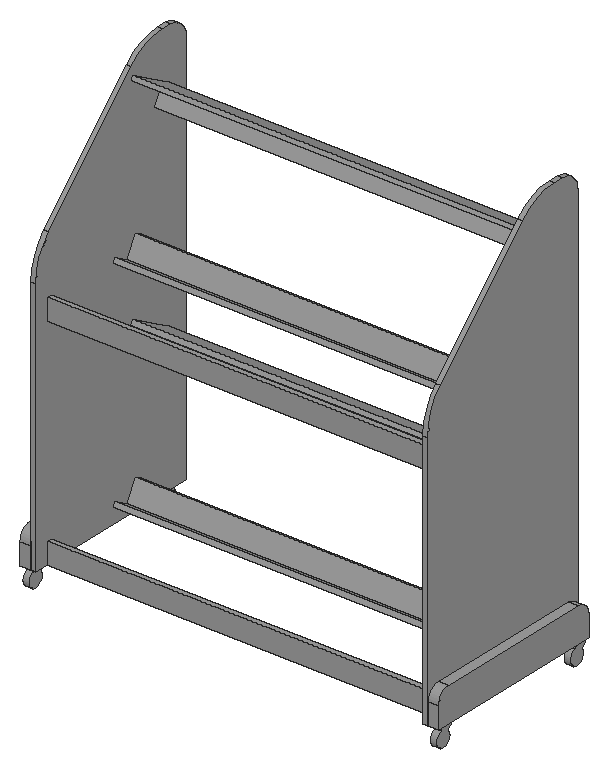
Revit family "Guitar Rack", category Generic Models, Revit 2012
Parameters
  Width = 67.00"
  URL = "http://www.wengercorp.com/Home/Contact.html"
  Shelf Width = Width - 5.00"  # 62.00"
  Manufacturer = "Wenger Corporation"
  Laminate = Laminate Material
  Height = 70.00"
  Description = "Guitar Rack"
  Depth = 30.00"
Reference planes (in)
  plane 1 "Center (Front/Back)": y = 0
  plane 2: z = 0
  plane 3 "Center (Left/Right)": x = 0
  plane 4: y = 30
  plane 5: x = 67
  plane 6: z = 70
  plane 7: x = 33.5
  plane 8: x = 1.75
  plane 9: x = 65.25
  plane 10: x = 2.5
  plane 11: x = 64.5
  plane 12: x = 0.875
  plane 13: x = 66.125
Forms (in)
  Extrusion 1, solid, material "Laminate Material" <- "Laminate"
    sketch origin (1.75, 60, 48) x (0, 1, 0) y (0, 0, 1)
      loop
        line (-60, -44.75) -> (-30, -44.75) -> (-30, 19)
        arc (-30, 19) -> (-30.87868, 21.12132) -> (-33, 22) r 3
        line (-33, 22) -> (-34.56849, 22)
        arc (-34.56849, 22) -> (-38.01162, 21.31534) -> (-40.93089, 19.36552) r 9
        line (-40.93089, 19.36552) -> (-57.3624, 2.93401)
        arc (-57.3624, 2.93401) -> (-59.31449, 0.01366) -> (-60, -3.43151) r 9
        line (-60, -3.43151) -> (-60, -44.75)
    from 0 to 0.75
  Extrusion 2, solid, material "Laminate Material" <- "Laminate"
    sketch origin (64.5, 60, 48) x (0, 1, 0) y (0, 0, 1)
      loop
        line (-60, -44.75) -> (-30, -44.75) -> (-30, 19)
        arc (-30, 19) -> (-30.87868, 21.12132) -> (-33, 22) r 3
        line (-33, 22) -> (-34.56849, 22)
        arc (-34.56849, 22) -> (-38.01162, 21.31534) -> (-40.93089, 19.36552) r 9
        line (-40.93089, 19.36552) -> (-57.3624, 2.93401)
        arc (-57.3624, 2.93401) -> (-59.31449, 0.01366) -> (-60, -3.43151) r 9
        line (-60, -3.43151) -> (-60, -44.75)
    from 0 to 0.75
  Extrusion 3, solid, material "Laminate Material" <- "Laminate"
    sketch origin (0, 255.07296, 0) x (0, 1, 0) y (0, 0, 1)
      loop
        arc (-225.07296, 6.75007) -> (-225.65869, 8.16414) -> (-227.07276, 8.74987) r 1.9998
        line (-227.07276, 8.74987) -> (-253.05022, 8.74987)
        arc (-253.05022, 8.74987) -> (-254.47932, 8.17235) -> (-255.07329, 6.75) r 2
        line (-255.07329, 6.75) -> (-255.07329, 3.25) -> (-225.07296, 3.25) -> (-225.07296, 6.75007)
    from 0 to 1.75
  Extrusion 4, solid, material "Laminate Material" <- "Laminate"
    sketch origin (65.25, 60, 48) x (0, 1, 0) y (0, 0, 1)
      loop
        arc (-30, -41.24993) -> (-30.58573, -39.83586) -> (-31.9998, -39.25013) r 1.9998
        line (-31.9998, -39.25013) -> (-57.97725, -39.25013)
        arc (-57.97725, -39.25013) -> (-59.40636, -39.82765) -> (-60.00033, -41.25) r 2
        line (-60.00033, -41.25) -> (-60.00033, -44.75) -> (-30, -44.75) -> (-30, -41.24993)
    from 0 to 1.75
  Extrusion 5, solid, material "Laminate Material" <- "Laminate"
    sketch origin (2.5, 60, 48) x (0, 1, 0) y (0, 0, 1)
      loop
        line (-41.64744, -43.82476) -> (-39.52244, -40.14415) -> (-40.17196, -39.76915) -> (-41.92196, -42.80024) -> (-44.30353, -41.42524) -> (-44.67853, -42.07476) -> (-41.64744, -43.82476)
    from 0 to 62 <- "Shelf Width"
  Extrusion 6, solid, material "Laminate Material" <- "Laminate"
    sketch origin (2.5, 60, 48) x (0, 1, 0) y (0, 0, 1)
      loop
        line (-57, -44) -> (-57, -41.25) -> (-57.75, -41.25) -> (-57.75, -44.75) -> (-53.5, -44.75) -> (-53.5, -44) -> (-57, -44)
    from 0 to 62 <- "Shelf Width"
  Extrusion 7, solid, material "Laminate Material" <- "Laminate"
    sketch origin (2.5, 60, 48) x (0, 1, 0) y (0, 0, 1)
      loop
        line (-34.01114, -20.73723) -> (-40.72284, -16.86223) -> (-41.09785, -17.51175) -> (-35.03566, -21.01174) -> (-36.41066, -23.39332) -> (-35.76114, -23.76832) -> (-34.01114, -20.73723)
    from 0 to 62 <- "Shelf Width"
  Extrusion 8, solid, material "Laminate Material" <- "Laminate"
    sketch origin (2.5, 60, 48) x (0, 1, 0) y (0, 0, 1)
      loop
        line (-53.5, -9) -> (-57, -9) -> (-57, -6.25) -> (-57.75, -6.25) -> (-57.75, -9.75) -> (-53.5, -9.75) -> (-53.5, -9)
    from 0 to 62 <- "Shelf Width"
  Extrusion 9, solid, material "Laminate Material" <- "Laminate"
    sketch origin (2.5, 60, 48) x (0, 1, 0) y (0, 0, 1)
      loop
        line (-39.52244, -5.14415) -> (-40.17196, -4.76915) -> (-41.92196, -7.80024) -> (-44.30353, -6.42524) -> (-44.67852, -7.07476) -> (-41.64744, -8.82476) -> (-39.52244, -5.14415)
    from 0 to 62 <- "Shelf Width"
  Extrusion 10, solid, material "Laminate Material" <- "Laminate"
    sketch origin (2.5, 60, 48) x (0, 1, 0) y (0, 0, 1)
      loop
        line (-40.72284, 18.13777) -> (-41.09785, 17.48826) -> (-38.06675, 15.73825) -> (-35.03566, 13.98825) -> (-36.41066, 11.60668) -> (-35.76114, 11.23168) -> (-34.01114, 14.26277) -> (-40.72284, 18.13777)
    from 0 to 62 <- "Shelf Width"
Dimensions and locks (in)
  "Width": plane 3 "Center (Left/Right)" to plane 5
  "Depth": plane 1 "Center (Front/Back)" to plane 4
  "Height": plane 6 to level
  equal spacing: plane 3 "Center (Left/Right)", plane 7, plane 5
  locked: plane 3 "Center (Left/Right)" to plane 8 at 1.75
  locked: plane 9 to plane 5 at 1.75
  locked: plane 8 to plane 10 at 0.75
  locked: plane 11 to plane 9 at 0.75
  plane 3 "Center (Left/Right)" to plane 10 = 2.50"
  equal spacing: plane 3 "Center (Left/Right)", plane 12, plane 8, locked at 0.875 each
  equal spacing: plane 9, plane 13, plane 5, locked at 0.875 each
  aligned and locked: plane 2 to level
  aligned and locked: nested 3 to plane 13
  aligned and locked: nested 1 to plane 13
  aligned and locked: plane 12 to nested 2
  aligned and locked: plane 12 to nested 4
Automatic sketch dimensions
  Extrusion 1 sketch curve to plane 1 "Center (Front/Back)" = 0.00"
  Extrusion 1 sketch curve to plane 6 = 0.00"
  Extrusion 1 sketch curve to plane 4 = 0.00"
  Extrusion 1 sketch curve to plane 1 "Center (Front/Back)" = 2.6376"
  Extrusion 1 sketch curve to Extrusion 1 sketch curve = 6.3624"
  Extrusion 1 sketch curve to plane 6 = 2.63448"
  Extrusion 1 sketch curve to plane 4 = 10.93089"
  Extrusion 1 sketch curve to Extrusion 1 sketch curve = 4.56849"
  Extrusion 1 sketch curve to Extrusion 1 sketch curve = 3.00"
  Extrusion 1 sketch curve to plane 6 = 19.06599"
  level to Extrusion 1 sketch curve = 3.25"
  Extrusion 2 sketch curve to plane 1 "Center (Front/Back)" = 0.00"
  Extrusion 2 sketch curve to plane 6 = 0.00"
  Extrusion 2 sketch curve to plane 4 = 0.00"
  Extrusion 2 sketch curve to plane 1 "Center (Front/Back)" = 2.6376"
  Extrusion 2 sketch curve to Extrusion 2 sketch curve = 6.3624"
  Extrusion 2 sketch curve to plane 6 = 2.63448"
  Extrusion 2 sketch curve to plane 4 = 10.93089"
  Extrusion 2 sketch curve to Extrusion 2 sketch curve = 4.56849"
  Extrusion 2 sketch curve to Extrusion 2 sketch curve = 3.00"
  Extrusion 2 sketch curve to plane 6 = 19.06599"
  level to Extrusion 2 sketch curve = 3.25"
  Extrusion 3 sketch curve to plane 4 = 0.00"
  Extrusion 3 sketch curve to plane 4 = 1.9998"
  Extrusion 3 sketch curve to plane 1 "Center (Front/Back)" = 2.02275"
  Extrusion 3 sketch curve to plane 1 "Center (Front/Back)" = 1.99967"
  plane 1 "Center (Front/Back)" to Extrusion 3 sketch curve = 0.00033"
  Extrusion 3 sketch curve to Extrusion 3 sketch curve = 0.00"  (x2)
  level to Extrusion 3 sketch curve = 3.25"
  Extrusion 3 sketch curve to Extrusion 3 sketch curve = 3.50"
  Extrusion 4 sketch curve to plane 4 = 0.00"
  Extrusion 4 sketch curve to plane 4 = 1.9998"
  Extrusion 4 sketch curve to plane 1 "Center (Front/Back)" = 2.02275"
  Extrusion 4 sketch curve to plane 1 "Center (Front/Back)" = 1.99967"
  plane 1 "Center (Front/Back)" to Extrusion 4 sketch curve = 0.00033"
  Extrusion 4 sketch curve to Extrusion 4 sketch curve = 0.00"  (x2)
  level to Extrusion 4 sketch curve = 3.25"
  Extrusion 4 sketch curve to Extrusion 4 sketch curve = 3.50"
  level to Extrusion 5 sketch curve = 5.92524"
  Extrusion 5 sketch curve to plane 4 = 14.67853"
  level to Extrusion 5 sketch curve = 6.57476"
  Extrusion 5 sketch curve to Extrusion 5 sketch curve = 0.375"  (x2)
  level to Extrusion 5 sketch curve = 5.19976"
  Extrusion 5 sketch curve to Extrusion 5 sketch curve = 2.38157"
  level to Extrusion 5 sketch curve = 4.17524"
  Extrusion 5 sketch curve to Extrusion 5 sketch curve = 0.27452"
  Extrusion 5 sketch curve to Extrusion 5 sketch curve = 1.75"
  Extrusion 5 sketch curve to Extrusion 5 sketch curve = 0.64952"
  Extrusion 5 sketch curve to Extrusion 5 sketch curve = 2.65609"
  Extrusion 6 sketch curve to plane 1 "Center (Front/Back)" = 2.25"
  Extrusion 6 sketch curve to Extrusion 6 sketch curve = 0.75"  (x2)
  Extrusion 6 sketch curve to Extrusion 6 sketch curve = 3.50"
  level to Extrusion 6 sketch curve = 3.25"
  Extrusion 6 sketch curve to Extrusion 6 sketch curve = 2.75"
  Extrusion 7 sketch curve to plane 4 = 11.09785"
  Extrusion 7 sketch curve to Extrusion 7 sketch curve = 0.37501"
  Extrusion 7 sketch curve to plane 4 = 6.41066"
  Extrusion 7 sketch curve to Extrusion 7 sketch curve = 0.64952"  (x2)
  Extrusion 7 sketch curve to Extrusion 7 sketch curve = 1.375"
  Extrusion 7 sketch curve to Extrusion 7 sketch curve = 1.02452"
  level to Extrusion 7 sketch curve = 24.23168"
  Extrusion 7 sketch curve to Extrusion 7 sketch curve = 0.375"
  Extrusion 7 sketch curve to Extrusion 7 sketch curve = 2.38158"
  Extrusion 7 sketch curve to Extrusion 7 sketch curve = 0.27452"
  Extrusion 7 sketch curve to Extrusion 7 sketch curve = 3.50"
  Extrusion 8 sketch curve to plane 1 "Center (Front/Back)" = 2.25"
  Extrusion 8 sketch curve to Extrusion 8 sketch curve = 0.75"  (x2)
  Extrusion 8 sketch curve to Extrusion 8 sketch curve = 3.50"
  Extrusion 8 sketch curve to plane 6 = 31.75"
  Extrusion 8 sketch curve to Extrusion 8 sketch curve = 2.75"
  Extrusion 9 sketch curve to plane 4 = 14.67852"
  Extrusion 9 sketch curve to Extrusion 9 sketch curve = 0.375"  (x2)
  Extrusion 9 sketch curve to Extrusion 9 sketch curve = 2.38157"
  Extrusion 9 sketch curve to Extrusion 9 sketch curve = 0.27452"
  Extrusion 9 sketch curve to Extrusion 9 sketch curve = 1.75"
  Extrusion 9 sketch curve to Extrusion 9 sketch curve = 0.64952"  (x2)
  Extrusion 9 sketch curve to plane 6 = 30.82476"
  Extrusion 9 sketch curve to Extrusion 9 sketch curve = 1.02452"
  Extrusion 9 sketch curve to Extrusion 9 sketch curve = 0.72548"
  Extrusion 10 sketch curve to plane 6 = 4.51174"
  Extrusion 10 sketch curve to plane 4 = 11.09785"
  Extrusion 10 sketch curve to plane 6 = 3.86223"
  Extrusion 10 sketch curve to Extrusion 10 sketch curve = 0.375"  (x2)
  Extrusion 10 sketch curve to Extrusion 10 sketch curve = 3.0311"
  Extrusion 10 sketch curve to Extrusion 10 sketch curve = 1.65609"
  Extrusion 10 sketch curve to Extrusion 10 sketch curve = 0.64952"
  Extrusion 10 sketch curve to Extrusion 10 sketch curve = 1.375"
  Extrusion 10 sketch curve to Extrusion 10 sketch curve = 1.02452"
  Extrusion 10 sketch curve to Extrusion 10 sketch curve = 1.75"
  Extrusion 10 sketch curve to Extrusion 10 sketch curve = 1.47548"
  Extrusion 10 sketch curve to Extrusion 10 sketch curve = 0.27452"
  Extrusion 10 sketch curve to Extrusion 10 sketch curve = 2.38157"
Nested families (in)
  nested 1: "Wheel" at (66.125, 1.38073, 0), type "Wheel"
  nested 2: "Wheel" at (0.875, 1.38073, 0) x (-1, 0, 0) z (0, 0, 1), type "Wheel"
  nested 3: "Wheel" at (66.125, 28.13073, 0), type "Wheel"
  nested 4: "Wheel" at (0.875, 28.13073, 0) x (-1, 0, 0) z (0, 0, 1), type "Wheel"
Definition of nested family "Wheel"
  Parameters (values of type "Wheel")
    Wheel Material = Wheel Material
  Reference planes (in)
    plane 1 "Center (Front/Back)": y = 0
    plane 2: z = 0
    plane 3 "Center (Left/Right)": x = 0
  Forms (in)
    Extrusion 1, solid, material "Wheel Material" <- "Wheel Material"
      sketch origin (0, 0, 0) x (0, 1, 0) y (0, 0, 1)
        loop
          arc (-0.26399, 2.47181) -> (-0.40696, 0.0681) -> (0.96024, 2.05027) r 1.25
          line (0.96024, 2.05027) -> (1.312, 2.5005) -> (1.625, 2.5005) -> (1.625, 2.8125) -> (1.5315, 2.8125) -> (1.5315, 3.0625) -> (0.2185, 3.0625) -> (0.2185, 2.8125) -> (-0.26399, 2.8125) -> (-0.26399, 2.47181)
      from -0.5 to 0.5
  Dimensions and locks (in)
    aligned and locked: plane 2 to level
